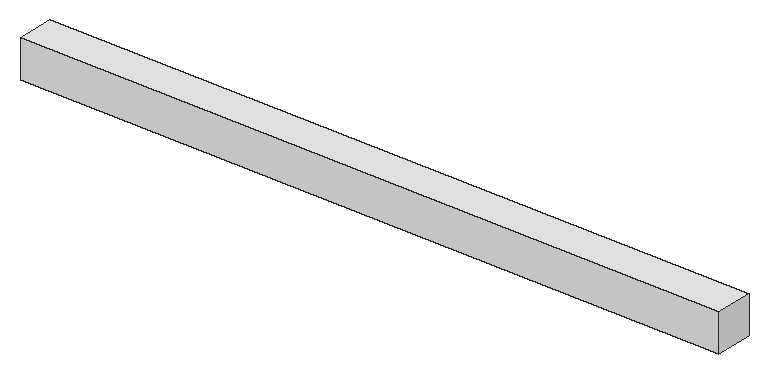
Revit family
Parameters (values of type "40mm")
  built-in parameter 1008623 [instance] = (empty or 0)
  built-in parameter 1008625 [instance] = (empty or 0)
  Size = 40 mm
  Post = yes
  Pitch = 0.00°
  Material = Metal - Steel
  built-in parameter 1008624 [instance] = (empty or 0)
  built-in parameter 1008622 [instance] = 750 mm
Types (3, lengths in mm): name | Size
  (no name) | 40
  40mm | 40
  20mm | 20
Reference planes
  plane 1 "Center (Front/Back)": y = -72.819
  plane 2: z = 0
  plane 3 "Center (Left/Right)": x = 0.898
  plane 4 "Top": z = 750
  plane 5 "Top of Post": z = 900
  plane 6: x = -749.102
Forms (mm)
  Sweep 1, solid, material "Metal - Steel" <- "Material"
    path origin (0, -72.819, 0) x (1, 0, 0) y (0, 0, 1)
      loop
        line (0.898, 0) -> (-749.102, 0)
    profile origin (-374.102, 0, 0) x (0, 0, -1) y (0, -1, 0)
      loop
        line (-20, 92.819) -> (-20, 52.819) -> (20, 52.819) -> (20, 92.819) -> (-20, 92.819)
Lines and regions (mm)
  symbolic lines, style "InvisibleLines"
    curve 1: line (0.898, 0, 0) -> (-753.59, 0, 0)
Text (mm)
  text "Baluster Post Elevation" at (0, 664.106, 1100.357), in view "Left"
Dimensions and locks
  "built-in parameter 1008622": plane 2 to plane 4 "Top"
  "built-in parameter 1008622": plane 6 to plane 3 "Center (Left/Right)"
  equal spacing: Sweep 1 sketch curve, profile plane, Sweep 1 sketch curve  (x2)
  "Size": Sweep 1 sketch curve to Sweep 1 sketch curve  (x2)
  "Pitch": angle curve 1 to level
  aligned and locked: plane 3 "Center (Left/Right)" to curve 1
  aligned and locked: plane 3 "Center (Left/Right)" to Sweep 1 sketch curve
  aligned and locked: Sweep 1 sketch curve to curve 1
Automatic sketch dimensions
  curve 1 to level = 0 mm
  plane 6 to curve 1 = 4.489 mm
  Sweep 1 sketch curve to plane 6 = 0 mm
